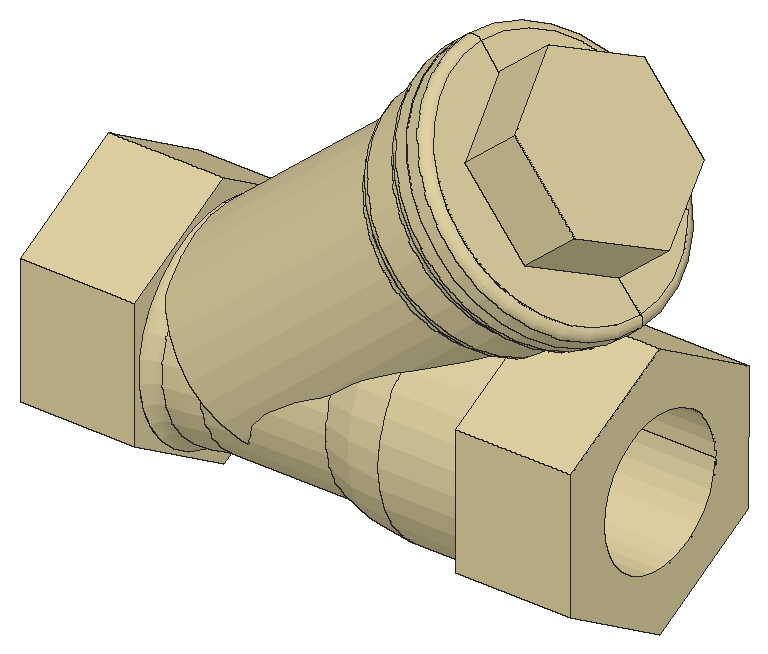
Revit family "DA02200000", category Apparecchi idraulici, Revit 2020
Family settings
  Quota connettore circolare = Usa diametro
  Tipo di parte = Normale
  Numero OmniClass = 23.45.00.00
  Titolo OmniClass = Sanitary, Laundry, and Cleaning Equipment
  Basato su piano di lavoro = No
  Sempre verticale = Sì
  Taglio con vuoti quando caricato = No
  Condiviso = No
  Punto di calcolo locali = No
Parameters
  URL = "https://web.cimberio.com/index.php/figura/1648?subcategoria_id="
  Temperatura di esercizio = "-10 ÷ 150°C"
  Prospetto di default = 0 mm
  Produttore = "CIMBERIO SPA"
  Pressione nominale = "PN 20"
  Modello = "Cim 74AOT/5"
  Materiale = "Prodotto in lega di ottone conforme alla norma EN 12165-CW617N-DW"
  Descrizione = "Utilizzato per la filtrazione degli impianti di riscaldamento, idrici, igienico-sanitari, aria compressa e in generale con ogni fluido non corrosivo"
  DN Model [instance] = DA02201015 : DA02201015
  DN [instance] = 15 mm
  Commenti sul tipo = "Realizzato in ottemperanza ai requisiti gestionali della norma EN ISO 9001.\r\nCollaudato al 100% secondo la normativa EN 12266-1"
Reference planes
  plane 1 "Centro (Fronte/Retro)": y = 0
  plane 2: z = 0
  plane 3 "Centro (Sinistra/Destra)": x = 0
Dimensions and locks
  aligned and locked: level to plane 2
Nested families
  nested 1: "DA02201015" at (0, 0, 0), type <- "DN Model", type "DA02201015"
  nested 2: "DA02201015" at (0, 0, 0), type <- "DN Model", type "DA02201015"
  nested 3: "DA02201015" at (0, 0, 0), type <- "DN Model", type "DA02201015"
  nested 4: "DA02201015" at (0, 0, 0), type <- "DN Model", type "DA02201015"
  nested 5: "DA02201015" at (0, 0, 0), type <- "DN Model", type "DA02201015"
  nested 6: "DA02201015" at (0, 0, 0), type <- "DN Model", type "DA02201015"
Connectors
  piping at (29.5, 0, 0), diameter 15, driven by "DN"
    settings: on nested 1, index 1, connector inside diameter 609.6 mm, connector length 0 mm, flow factor 0, pipe flow 0.0 L/s, pressure drop 0.0 Pa, fitting loss kfactor 0, connector angle 0.00°, fixture units 0, engagement length 0 mm, angle of deflection 0.00°, flow configuration 0, flow direction 0, fitting loss method 0, system type 7, joint type 0, gender type 0, connector reference index -1, connector utility 0, adjustable connector no, is connector primary yes, connector description ""
  piping at (-29.5, 0, 0), diameter 15, driven by "DN"
    settings: on nested 1, index 2, connector inside diameter 609.6 mm, connector length 0 mm, flow factor 0, pipe flow 0.0 L/s, pressure drop 0.0 Pa, fitting loss kfactor 0, connector angle 0.00°, fixture units 0, engagement length 0 mm, angle of deflection 0.00°, flow configuration 0, flow direction 0, fitting loss method 0, system type 7, joint type 0, gender type 0, connector reference index -1, connector utility 0, adjustable connector no, is connector primary no, connector description ""
Definition of nested family "DA02201015"
  Parameters (values of type "DA02201015")
    Default Elevation = 0 mm
  Reference planes
    plane 1 "Centro (Fronte/Retro)": y = 0
    plane 2: z = 0
    plane 3 "Centro (Sinistra/Destra)": x = 0
  Forms (mm)
    Revolve 1, solid
      sketch origin (0, 0, 0) x (1, 0, 0) y (0, 0, 1)
        loop
          arc (-17.196, -11.491) -> (-16.464, -10.765) -> (-15.469, -10.5) r 2
          arc (-15.469, -10.5) -> (-13.599, -10.397) -> (-11.751, -10.088) r 17
          line (-11.751, -10.088) -> (1.718, -10.088)
          arc (1.718, -10.088) -> (5.036, -11.143) -> (8.5, -11.5) r 17
          line (8.5, -11.5) -> (19, -11.5) -> (19, -7.5) -> (-19, -7.5) -> (-19, -11.491) -> (-17.196, -11.491)
        axis (-19, 0) -> (19, 0)
      angle from 0 to 360
    Revolve 2, solid
      sketch origin (0.158, 0, -1.435) x (1, 0, 0) y (0, 0, 1)
        loop
          line (13.94, 33.599) -> (10.225, 38.026)
          arc (10.225, 38.026) -> (9.546, 38.379) -> (8.816, 38.149) r 1
          line (8.816, 38.149) -> (7.667, 37.185) -> (12.025, 31.992) -> (13.94, 33.599)
        axis (18.761, 27.854) -> (16.846, 26.247)
      angle from 0 to 360
    Revolve 3, solid
      sketch origin (0.395, 0, -1.85) x (1, 0, 0) y (0, 0, 1)
        loop
          line (16.513, 26.777) -> (7.431, 37.6) -> (6.217, 36.582)
          arc (6.217, 36.582) -> (5.972, 36.277) -> (5.862, 35.901) r 1
          line (5.862, 35.901) -> (5.768, 34.821)
          arc (5.768, 34.821) -> (5.604, 34.259) -> (5.238, 33.802) r 1.5
          line (5.238, 33.802) -> (2.584, 31.575)
          arc (2.584, 31.575) -> (2.34, 31.271) -> (2.23, 30.896) r 1
          arc (2.23, 30.896) -> (2.181, 30.383) -> (2.095, 29.874) r 7.277
          arc (2.095, 29.874) -> (1.913, 29.516) -> (1.643, 29.219) r 1.5
          line (1.643, 29.219) -> (-19.513, 11.467) -> (-12.167, 2.712) -> (16.513, 26.777)
        axis (16.513, 26.777) -> (-12.167, 2.712)
      angle from 0 to 360
    Extrusion 4, solid
      sketch origin (0, 0, 0) x (0, 1, 0) y (0, 0, 1)
        loop
          circle (0, 0) r 7.5
        loop
          line (0, 13.75) -> (-11.908, 6.875) -> (-11.908, -6.875) -> (0, -13.75) -> (11.908, -6.875) -> (11.908, 6.875) -> (0, 13.75)
      from -29.5 to -17.201
    Extrusion 5, solid
      sketch origin (16.422, 0, 26.751) x (0, 1, 0) y (-0.642788, 0, 0.766044)
        loop
          line (0, 8.42) -> (-8.66, 3.42) -> (-8.66, -6.58) -> (0, -11.58) -> (8.66, -6.58) -> (8.66, 3.42) -> (0, 8.42)
      from 0 to 8.699
    Extrusion 6, solid
      sketch origin (0, 0, 0) x (0, 1, 0) y (0, 0, -1)
        loop
          circle (0, 0) r 7.5
        loop
          line (0, -13.75) -> (11.908, -6.875) -> (11.908, 6.875) -> (0, 13.75) -> (-11.908, 6.875) -> (-11.908, -6.875) -> (0, -13.75)
      from -29.5 to -17.201
  Cuts and joins
    joined: Revolve 2, Extrusion 5
  Dimensions and locks
    aligned and locked: level to plane 2
